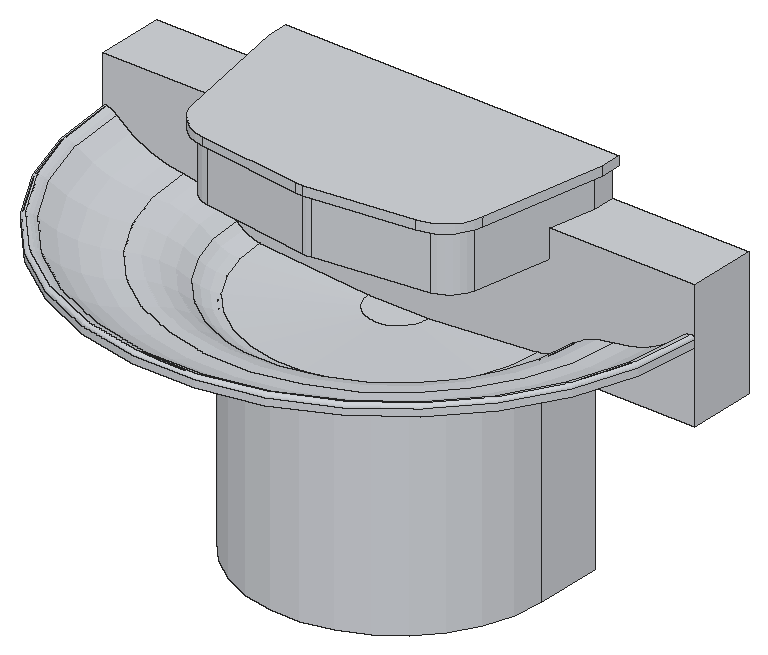
Revit family "Washfountain_Willoughby-WWF-4204-WALL", category Plumbing Fixtures, Revit 2015
Parameters
  URL = "https://www.willoughby-ind.com/wp-content/uploads/2018/01/WWF-4204.pdf"
  Revision = "A"
  Model = "WWF-4204-WALL"
  Manufacturer = "Willoughby Industries"
  Description = "4 Station Half Round 42\" Stainless Steel, Deep Bowl Washfountain"
  Contact Info = "(800) 428-4065"
Reference planes (in)
  plane 1 "Center (Front/Back)": y = 0
  plane 2: z = 0
  plane 3 "Center (Left/Right)": x = 0
Forms (in)
  Extrusion 1, solid
    sketch origin (0, 0, 24) x (1, 0, 0) y (0, 0, 1)
      loop
        line (-21, 22) -> (-21, 13) -> (21, 13) -> (21, 22) -> (-21, 22)
    from 0 to 4.75
  Revolve 2, solid
    sketch origin (0, 0, 24) x (0, 1, 0) y (0, 0, 1)
      loop
        line (-25.75, 18) -> (-25.645, 18) -> (-25.645, 18.5)
        arc (-25.645, 18.5) -> (-25.58946, 18.6144) -> (-25.4652, 18.64105) r 0.145
        arc (-25.4652, 18.64105) -> (-25.14236, 18.51684) -> (-24.86, 18.317) r 1.395
        arc (-24.86, 18.317) -> (-22.61273, 16.86456) -> (-20.015, 16.223) r 8.105
        arc (-20.015, 16.223) -> (-18.03072, 15.71473) -> (-16.34015, 14.55814) r 5.895
        arc (-16.34015, 14.55814) -> (-15.55, 13.99657) -> (-14.62519, 13.70603) r 3.105
        arc (-14.62519, 13.70603) -> (-10.76816, 13.27715) -> (-6.89, 13.134) r 52.566
        line (-6.89, 13.134) -> (-4.75, 13.134) -> (-4.75, 13.23892) -> (-6.89891, 13.23892)
        arc (-6.89891, 13.23892) -> (-10.76924, 13.38189) -> (-14.61847, 13.80999) r 52.461
        arc (-14.61847, 13.80999) -> (-15.51174, 14.0906) -> (-16.275, 14.63292) r 3
        arc (-16.275, 14.63292) -> (-17.99549, 15.81032) -> (-20.015, 16.32792) r 6
        arc (-20.015, 16.32792) -> (-22.58032, 16.9611) -> (-24.79922, 18.3952) r 8
        arc (-24.79922, 18.3952) -> (-25.10242, 18.60963) -> (-25.449, 18.743) r 1.5
        arc (-25.449, 18.743) -> (-25.65705, 18.69278) -> (-25.75, 18.5) r 0.25
        line (-25.75, 18.5) -> (-25.75, 18)
      axis (-4.75, 13.134) -> (-4.75, 18.743)
    angle from -90 to 90
  Revolve 3, solid
    sketch origin (0, 0, 0) x (0, 1, 0) y (0, 0, 1)
      loop
        line (-4.75, 37.134) -> (-6.891, 37.134)
        arc (-6.891, 37.134) -> (-10.76906, 37.27719) -> (-14.626, 37.706) r 52.58515
        arc (-14.626, 37.706) -> (-14.75098, 37.7272) -> (-14.875, 37.75349) r 3.10529
        line (-14.875, 37.75349) -> (-14.875, 22) -> (-4.75, 22) -> (-4.75, 37.134)
      axis (-4.75, 37.75349) -> (-4.75, 22)
    angle from -90 to 90
  Extrusion 4, solid
    sketch origin (0, 0, 0) x (1, 0, 0) y (0, 0, 1)
      loop
        line (10.125, 22) -> (10.125, 37) -> (-10.125, 37) -> (-10.125, 22) -> (10.125, 22)
    from 0 to 4.75
  Extrusion 5, solid
    sketch origin (0, 0, 0) x (1, 0, 0) y (0, 1, 0)
      loop
        line (11.285, 0) -> (-11.285, 0) -> (-11.285, -1.44) -> (-9.675, -10.13)
        arc (-9.675, -10.13) -> (-9.06611, -11.25072) -> (-7.915, -11.8) r 2.06505
        line (-7.915, -11.8) -> (-0.34767, -12.79909)
        arc (-0.34767, -12.79909) -> (-0.04174, -12.82742) -> (0.265, -12.81) r 2.0628
        line (0.265, -12.81) -> (7.915, -11.8)
        arc (7.915, -11.8) -> (9.06611, -11.25072) -> (9.675, -10.13) r 2.06505
        line (9.675, -10.13) -> (11.285, -1.44) -> (11.285, 0)
    from 44.01953 to 48.26953
  Extrusion 6, solid
    sketch origin (0, 0, 0) x (1, 0, 0) y (0, 1, 0)
      loop
        line (11.8, 0) -> (-11.8, 0) -> (-11.8, -1.44) -> (-10.27, -10.14)
        arc (-10.27, -10.14) -> (-9.34271, -11.86582) -> (-7.57, -12.7) r 3.12385
        line (-7.57, -12.7) -> (-0.25, -13.6) -> (0.25, -13.6) -> (7.57, -12.7)
        arc (7.57, -12.7) -> (9.34271, -11.86582) -> (10.27, -10.14) r 3.12385
        line (10.27, -10.14) -> (11.8, -1.44) -> (11.8, 0)
    from 48.26953 to 48.89453
  Extrusion 7, solid
    sketch origin (0, 0, 0) x (1, 0, 0) y (0, 0, 1)
      loop
        circle (0, 32.75) r 0.75
      loop
        circle (5, 28.75) r 0.25
      loop
        circle (2, 28.75) r 0.25
    from -0.125 to 1
Dimensions and locks (in)
  aligned and locked: level to plane 2
  aligned and locked: Revolve 3 sketch curve to Revolve 3 sketch curve  (x2)
  aligned and locked: Extrusion 4 sketch curve to Revolve 3  (x2)
  aligned and locked: Revolve 3 to Extrusion 4 sketch curve
  aligned and locked: Extrusion 1 to Extrusion 4 sketch curve
  aligned and locked: Extrusion 1 to Extrusion 5 sketch curve
Connectors (in)
  piping at (2, 0.125, 28.75), diameter 0.5
    settings: on Extrusion 7, index 1, connector inside diameter 24", connector length 0' - 0", flow factor 0, pipe flow 0 GPM, pressure drop 0.00 psi, fitting loss kfactor 0, connector angle 0.00°, fixture units 0, engagement length 0' - 0", angle of deflection 0.00°, flow configuration 0, flow direction 0, fitting loss method 0, system type 20, joint type 0, gender type 0, connector reference index -1, connector utility 0, adjustable connector no, is connector primary yes, connector description ""
  piping at (5, 0.125, 28.75), diameter 0.5
    settings: on Extrusion 7, index 2, connector inside diameter 24", connector length 0' - 0", flow factor 0, pipe flow 0 GPM, pressure drop 0.00 psi, fitting loss kfactor 0, connector angle 0.00°, fixture units 0, engagement length 0' - 0", angle of deflection 0.00°, flow configuration 0, flow direction 0, fitting loss method 0, system type 19, joint type 0, gender type 0, connector reference index -1, connector utility 0, adjustable connector no, is connector primary no, connector description ""
  piping at (0, 0.125, 32.75), diameter 1.5
    settings: on Extrusion 7, index 3, connector inside diameter 24", connector length 0' - 0", flow factor 0, pipe flow 0 GPM, pressure drop 0.00 psi, fitting loss kfactor 0, connector angle 0.00°, fixture units 0, engagement length 0' - 0", angle of deflection 0.00°, flow configuration 0, flow direction 0, fitting loss method 0, system type 7, joint type 0, gender type 0, connector reference index -1, connector utility 0, adjustable connector no, is connector primary no, connector description ""
